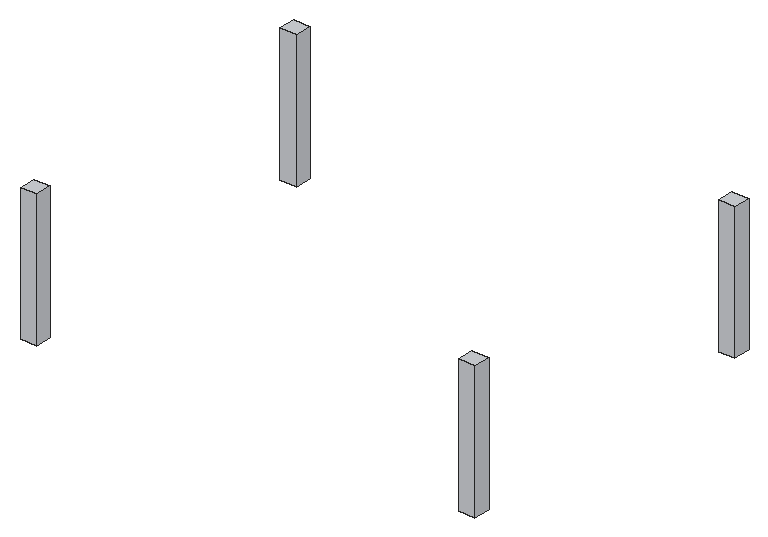
Revit family "DiningTable", category 家具, Revit 2025
Family settings
  OmniClass 编号 = 23.40.20.00
  OmniClass 标题 = General Furniture and Specialties
  基于工作平面 = 否
  视图中启用分割 = 否
  总是垂直 = 是
  载入时剪切的空心 = 否
  渲染外观源 = 族几何图形
  共享 = 否
  房间计算点 = 否
Parameters
  默认高程 = 0 mm
Reference planes
  plane 1 "中心(前/后)": y = 0
  plane 2: z = 0
  plane 3 "中心(左/右)": x = 0
  plane 4: x = -686
  plane 5: x = 686
  plane 6: y = 515
  plane 7: y = -515
  plane 8: x = -636
  plane 9: y = 465
  plane 10: x = 636
  plane 11: y = -465
Forms (mm)
  Extrusion 1, solid
    sketch origin (0, 0, 0) x (1, 0, 0) y (0, 1, 0)
      loop
        line (-686, 515) -> (-686, 465) -> (-636, 465) -> (-636, 515) -> (-686, 515)
    from 0 to 410
  Extrusion 2, solid
    sketch origin (0, 0, 0) x (1, 0, 0) y (0, 1, 0)
      loop
        line (636, 515) -> (636, 465) -> (686, 465) -> (686, 515) -> (636, 515)
    from 0 to 410
  Extrusion 3, solid
    sketch origin (0, 0, 0) x (1, 0, 0) y (0, 1, 0)
      loop
        line (-686, -465) -> (-686, -515) -> (-636, -515) -> (-636, -465) -> (-686, -465)
    from 0 to 410
  Extrusion 4, solid
    sketch origin (0, 0, 0) x (1, 0, 0) y (0, 1, 0)
      loop
        line (636, -465) -> (636, -515) -> (686, -515) -> (686, -465) -> (636, -465)
    from 0 to 410
Dimensions and locks
  aligned and locked: level to plane 2
